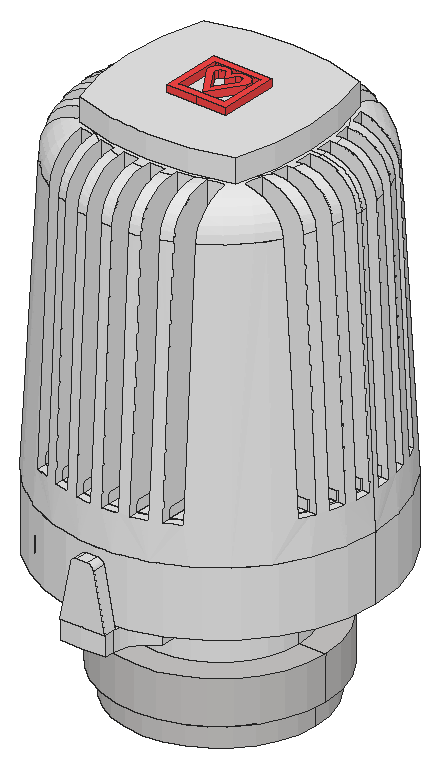
Revit family "HERZ-Thermostatkopf M28x1.5 7230", category Rohrzubehör, Revit 2018
Family settings
  Bemaßung runder Anschluss = Durchmesser verwenden
  Teiletyp = Normal
  OmniClass-Nummer = 23.65.55.14
  OmniClass-Titel = Valves for Liquid Services
  Arbeitsebenenbasiert = Nein
  Immer vertikal = Nein
  Beim Laden mit Abzugskörper schneiden = Nein
  Gemeinsam genutzt = Nein
Parameters
  automatische Frostsicherung = "bei ca. 6°C"  # constant formula
  W02 = 120.00°  # constant formula
  W01 = 135.00°  # constant formula
  URL = "www.herz-armaturen.at"
  Sollwerbereich = "0 - 28°C"  # constant formula
  S02 = 60.000 mm  # constant formula
  S01 = H02 + H07  # 76.000 mm
  R07 = 6.000 mm  # constant formula
  R06 = 24.000 mm  # constant formula
  R05 = 16.350 mm  # constant formula
  R04 = 14.750 mm  # constant formula
  R03 = 13.200 mm  # constant formula
  R02 = 12.200 mm  # constant formula
  R01 = 22.400 mm  # constant formula
  Hersteller = "HERZ Armaturen Ges.m.b.H."  # constant formula
  Handrad = "Kunststoff, weiß"  # constant formula
  H09 = 3.500 mm  # constant formula
  H08 = 10.000 mm  # constant formula
  H07 = 59.000 mm  # constant formula
  H06 = 3.000 mm  # constant formula
  H05 = 10.500 mm  # constant formula
  H03 = 5.500 mm  # constant formula
  H02 = 17.000 mm  # constant formula
  H01 = 34.000 mm  # constant formula
  Funktionsweise = "Der HERZ-Thermostat dient als Fühl- und Regelelement.\r\nDurch die Volumsänderung der Flüssigkeitsfüllung im HERZ-Hydrosensor wird die Schubspindel des Ventils bewegt."
  Bestellnummer = 1723006  # constant formula
  Ausführung = "Heizkörperthermostat mit Flüssigkeitsfühler (Hydrosensor)\r\nmit Stellung „0“, Frostsicherung einstellbar, mit Begrenzung und Blockierung des Sollwertbereiches. Handradfarbe weiß."
  Anwendungen = "Zur Montage auf allen HERZ-Ventilen, die für thermostatischen Betrieb eingerichtet sind."
Reference planes
  plane 1 "Mitte (Vorne/hinten)": y = 0
  plane 2: z = 0
  plane 3 "Mitte (Links/rechts)": x = 0
Forms (mm)
  Revolve 1, solid, material "Kunststoff weiß", detail levels fine
    sketch origin (0, 0, 0) x (1, 0, 0) y (0, 0, 1)
      loop
        line (0, 0) -> (13.2, 0) -> (13.2, 4.5) -> (12.2, 5.5) -> (12.2, 17) -> (22.4, 17) -> (22.4, 34) -> (0, 34) -> (0, 0)
      axis (0, 34) -> (0, 0)
    angle from 0 to 360
  Revolve 2, solid, material "Messing verzinkt", detail levels fine
    sketch origin (0, 0, 0) x (1, 0, 0) y (0, 0, 1)
      loop
        line (0, 5.5) -> (13.2, 5.5) -> (13.2, -3.063) -> (14.75, -3.063) -> (14.75, -0.063) -> (16.35, 0.861) -> (16.35, 7.437) -> (0, 7.437) -> (0, 5.5)
      axis (0, 7.437) -> (0, -3.063)
    angle from 0 to 360
  Revolve 3, solid, material "Kunststoff weiß", detail levels fine
    sketch origin (0, 0, 0) x (1, 0, 0) y (0, 0, 1)
      loop
        line (0, 17) -> (24, 17) -> (24, 27) -> (21.791, 70.306)
        arc (21.791, 70.306) -> (19.931, 74.349) -> (15.798, 76) r 6
        line (15.798, 76) -> (0, 76) -> (0, 17)
      axis (0, 76) -> (0, 17)
    angle from 0 to 360
  Extrusion 4, void
    sketch origin (0, 0, 0) x (1, 0, 0) y (0, 1, 0)
      loop
        line (24.458, 0.8) -> (24.458, 3.2) -> (14.361, 3.2)
        arc (14.361, 3.2) -> (14.446, 2.001) -> (14.491, 0.8) r 37
        line (14.491, 0.8) -> (24.458, 0.8)
      loop
        line (24.458, 4.8) -> (24.458, 7.2) -> (13.793, 7.2)
        arc (13.793, 7.2) -> (14.01, 6.003) -> (14.187, 4.8) r 37
        line (14.187, 4.8) -> (24.458, 4.8)
      loop
        line (24.458, 8.8) -> (24.458, 11.2) -> (12.764, 11.2)
        arc (12.764, 11.2) -> (13.121, 10.006) -> (13.438, 8.8) r 37
        line (13.438, 8.8) -> (24.458, 8.8)
      loop
        line (24.458, -0.8) -> (14.491, -0.8)
        arc (14.491, -0.8) -> (14.446, -2.001) -> (14.361, -3.2) r 37
        line (14.361, -3.2) -> (24.458, -3.2) -> (24.458, -0.8)
      loop
        line (24.458, -4.8) -> (14.187, -4.8)
        arc (14.187, -4.8) -> (14.01, -6.003) -> (13.793, -7.2) r 37
        line (13.793, -7.2) -> (24.458, -7.2) -> (24.458, -4.8)
      loop
        line (24.458, -8.8) -> (13.438, -8.8)
        arc (13.438, -8.8) -> (13.121, -10.006) -> (12.764, -11.2) r 37
        line (12.764, -11.2) -> (24.458, -11.2) -> (24.458, -8.8)
      loop
        line (-24.458, 0.8) -> (-14.491, 0.8)
        arc (-14.491, 0.8) -> (-14.446, 2.001) -> (-14.361, 3.2) r 37
        line (-14.361, 3.2) -> (-24.458, 3.2) -> (-24.458, 0.8)
      loop
        line (-24.458, 4.8) -> (-14.187, 4.8)
        arc (-14.187, 4.8) -> (-14.01, 6.003) -> (-13.793, 7.2) r 37
        line (-13.793, 7.2) -> (-24.458, 7.2) -> (-24.458, 4.8)
      loop
        line (-24.458, 8.8) -> (-13.438, 8.8)
        arc (-13.438, 8.8) -> (-13.121, 10.006) -> (-12.764, 11.2) r 37
        line (-12.764, 11.2) -> (-24.458, 11.2) -> (-24.458, 8.8)
      loop
        line (-24.458, -0.8) -> (-24.458, -3.2) -> (-14.361, -3.2)
        arc (-14.361, -3.2) -> (-14.446, -2.001) -> (-14.491, -0.8) r 37
        line (-14.491, -0.8) -> (-24.458, -0.8)
      loop
        line (-24.458, -4.8) -> (-24.458, -7.2) -> (-13.793, -7.2)
        arc (-13.793, -7.2) -> (-14.01, -6.003) -> (-14.187, -4.8) r 37
        line (-14.187, -4.8) -> (-24.458, -4.8)
      loop
        line (-24.458, -8.8) -> (-24.458, -11.2) -> (-12.764, -11.2)
        arc (-12.764, -11.2) -> (-13.121, -10.006) -> (-13.438, -8.8) r 37
        line (-13.438, -8.8) -> (-24.458, -8.8)
      loop
        line (0.8, 24.458) -> (0.8, 14.491)
        arc (0.8, 14.491) -> (2.001, 14.446) -> (3.2, 14.361) r 37
        line (3.2, 14.361) -> (3.2, 24.458) -> (0.8, 24.458)
      loop
        line (4.8, 24.458) -> (4.8, 14.187)
        arc (4.8, 14.187) -> (6.003, 14.01) -> (7.2, 13.793) r 37
        line (7.2, 13.793) -> (7.2, 24.458) -> (4.8, 24.458)
      loop
        line (8.8, 24.458) -> (8.8, 13.438)
        arc (8.8, 13.438) -> (10.006, 13.121) -> (11.2, 12.764) r 37
        line (11.2, 12.764) -> (11.2, 24.458) -> (8.8, 24.458)
      loop
        line (-0.8, 24.458) -> (-3.2, 24.458) -> (-3.2, 14.361)
        arc (-3.2, 14.361) -> (-2.001, 14.446) -> (-0.8, 14.491) r 37
        line (-0.8, 14.491) -> (-0.8, 24.458)
      loop
        line (-4.8, 24.458) -> (-7.2, 24.458) -> (-7.2, 13.793)
        arc (-7.2, 13.793) -> (-6.003, 14.01) -> (-4.8, 14.187) r 37
        line (-4.8, 14.187) -> (-4.8, 24.458)
      loop
        line (-8.8, 24.458) -> (-11.2, 24.458) -> (-11.2, 12.764)
        arc (-11.2, 12.764) -> (-10.006, 13.121) -> (-8.8, 13.438) r 37
        line (-8.8, 13.438) -> (-8.8, 24.458)
      loop
        line (0.8, -24.458) -> (3.2, -24.458) -> (3.2, -14.361)
        arc (3.2, -14.361) -> (2.001, -14.446) -> (0.8, -14.491) r 37
        line (0.8, -14.491) -> (0.8, -24.458)
      loop
        line (4.8, -24.458) -> (7.2, -24.458) -> (7.2, -13.793)
        arc (7.2, -13.793) -> (6.003, -14.01) -> (4.8, -14.187) r 37
        line (4.8, -14.187) -> (4.8, -24.458)
      loop
        line (8.8, -24.458) -> (11.2, -24.458) -> (11.2, -12.764)
        arc (11.2, -12.764) -> (10.006, -13.121) -> (8.8, -13.438) r 37
        line (8.8, -13.438) -> (8.8, -24.458)
      loop
        line (-0.8, -24.458) -> (-0.8, -14.491)
        arc (-0.8, -14.491) -> (-2.001, -14.446) -> (-3.2, -14.361) r 37
        line (-3.2, -14.361) -> (-3.2, -24.458) -> (-0.8, -24.458)
      loop
        line (-4.8, -24.458) -> (-4.8, -14.187)
        arc (-4.8, -14.187) -> (-6.003, -14.01) -> (-7.2, -13.793) r 37
        line (-7.2, -13.793) -> (-7.2, -24.458) -> (-4.8, -24.458)
      loop
        line (-8.8, -24.458) -> (-8.8, -13.438)
        arc (-8.8, -13.438) -> (-10.006, -13.121) -> (-11.2, -12.764) r 37
        line (-11.2, -12.764) -> (-11.2, -24.458) -> (-8.8, -24.458)
    from 32.5 to 78
  Extrusion 5, solid, material "Kunststoff weiß", detail levels fine
    sketch origin (0, 0, 0) x (1, 0, 0) y (0, 1, 0)
      loop
        arc (12, 12) -> (0, 14) -> (-12, 12) r 37
        arc (-12, 12) -> (-14, 0) -> (-12, -12) r 37
        arc (-12, -12) -> (0, -14) -> (12, -12) r 37
        arc (12, -12) -> (14, 0) -> (12, 12) r 37
    from 76 to 79.5
  Extrusion 6, solid, material "Kunststoff weiß", detail levels fine
    sketch origin (0.017, -0.017, 0) x (0, -1, 0) y (1, 0, 0)
      loop
        line (14.714, 6.983) -> (14.714, -7.017) -> (19.645, -7.017)
        arc (19.645, -7.017) -> (21.761, -4.508) -> (24.882, -3.488) r 6
        line (24.882, -3.488) -> (26.272, -3.488)
        arc (26.272, -3.488) -> (26.5, 0) -> (26.267, 3.488) r 26.5
        line (26.267, 3.488) -> (24.882, 3.488)
        arc (24.882, 3.488) -> (21.777, 4.497) -> (19.66, 6.983) r 6
        line (19.66, 6.983) -> (14.714, 6.983)
    from 14 to 17
  Extrusion 7, solid, material "Kunststoff weiß", detail levels fine
    sketch origin (0.017, -0.017, 0) x (1, 0, 0) y (0, 0, 1)
      loop
        arc (-0.8, 26.1) -> (-1.432, 25.875) -> (-1.779, 25.302) r 1
        line (-1.779, 25.302) -> (-3.488, 17) -> (3.488, 17) -> (1.779, 25.302)
        arc (1.779, 25.302) -> (1.432, 25.875) -> (0.8, 26.1) r 1
        line (0.8, 26.1) -> (-0.8, 26.1)
    from 26.5 to 24.5
Cuts and joins
  Extrusion 4 cuts Revolve 1
  Extrusion 4 cuts Revolve 3
Lines and regions (mm)
  model lines, detail levels coarse+medium
    curve 1: line (0, 0, 0) -> (0, 0, 16)
    curve 2: line (0, 0, 0) -> (0, 16, 0)
    curve 3: circle (0, 0, 46) r 30 normal (0, -1, 0)
    curve 4: circle (0, 0, 46) r 30 normal (1, 0, 0)
    curve 5: line (0, 0, 26) -> (0, 0, 66)
    curve 6: line (0, 17.5, 66) -> (0, -17.5, 66)
    curve 7: line (0, 0, 26) -> (0, 0, 66)
    curve 8: line (-17.5, 0, 66) -> (17.5, 0, 66)
    curve 9: circle (0, 46, 0) r 30 normal (0, 0, 1)
    curve 10: line (0, 26, 0) -> (0, 66, 0)
    curve 11: line (-17.5, 66, 0) -> (17.5, 66, 0)
Dimensions and locks
  "H01": Revolve 1 sketch curve to Revolve 1 sketch curve
  "H02": Revolve 1 sketch curve to Revolve 1 sketch curve
  "H03": Revolve 1 sketch curve to Revolve 1 sketch curve
  "R01": Revolve 1 sketch curve to Revolve 1 sketch curve
  "R02": Revolve 1 sketch curve to Revolve 1 sketch curve
  "R03": Revolve 1 sketch curve to Revolve 1 sketch curve
  "H05": Revolve 2 sketch curve to Revolve 2 sketch curve
  "H06": Revolve 2 sketch curve to Revolve 2 sketch curve
  "H03": Revolve 2 sketch curve to plane 2
  "R04": Revolve 2 sketch curve to plane 3 "Mitte (Links/rechts)"
  "R03": plane 3 "Mitte (Links/rechts)" to Revolve 2 sketch curve
  "R05": Revolve 2 sketch curve to plane 3 "Mitte (Links/rechts)"
  "H08": Revolve 3 sketch curve to Revolve 3 sketch curve
  "R06": Revolve 3 sketch curve to Revolve 3 sketch curve
  "H02": Revolve 3 sketch curve to plane 2
  "H07": Revolve 3 sketch curve to Revolve 3 sketch curve
  "S01": curve 4 to plane 2
  "S01": curve 3 to plane 2
  "S01": plane 1 "Mitte (Vorne/hinten)" to curve 9
  "R07": radius of Revolve 3 sketch curve
  "S02": diameter of curve 3
  "S02": diameter of curve 4
  "S02": diameter of curve 9
  "W01": angle Revolve 1 sketch curve to Revolve 1 sketch curve
  "W02": angle Revolve 2 sketch curve to Revolve 2 sketch curve
  aligned and locked: level to plane 2
Automatic sketch dimensions
  plane 1 "Mitte (Vorne/hinten)" to Extrusion 5 sketch curve = 0.000 mm  (x2)
  Extrusion 5 sketch curve to plane 3 "Mitte (Links/rechts)" = 0.000 mm  (x2)
  Extrusion 5 sketch curve to plane 3 "Mitte (Links/rechts)" = 23.000 mm
  plane 3 "Mitte (Links/rechts)" to Extrusion 5 sketch curve = 23.000 mm
  plane 1 "Mitte (Vorne/hinten)" to Extrusion 5 sketch curve = 23.000 mm
  Extrusion 5 sketch curve to plane 1 "Mitte (Vorne/hinten)" = 23.000 mm
  Extrusion 5 sketch curve to plane 3 "Mitte (Links/rechts)" = 12.000 mm  (x2)
  plane 3 "Mitte (Links/rechts)" to Extrusion 5 sketch curve = 12.000 mm
  plane 1 "Mitte (Vorne/hinten)" to Extrusion 5 sketch curve = 12.000 mm
  Extrusion 4 sketch curve to Extrusion 4 sketch curve = 0.000 mm  (x58)
  plane 1 "Mitte (Vorne/hinten)" to Extrusion 4 sketch curve = 0.000 mm  (x2)
  Extrusion 4 sketch curve to plane 3 "Mitte (Links/rechts)" = 0.000 mm  (x2)
  Extrusion 4 sketch curve to plane 3 "Mitte (Links/rechts)" = 0.800 mm  (x2)
  Extrusion 4 sketch curve to Extrusion 4 sketch curve = 2.400 mm  (x12)
  Extrusion 4 sketch curve to Extrusion 4 sketch curve = 1.600 mm  (x16)
  Extrusion 4 sketch curve to Extrusion 4 sketch curve = 1.564 mm  (x8)
  Extrusion 4 sketch curve to Extrusion 4 sketch curve = 0.674 mm  (x5)
  Extrusion 4 sketch curve to Extrusion 4 sketch curve = 0.354 mm  (x8)
  Extrusion 4 sketch curve to Extrusion 4 sketch curve = 0.395 mm  (x4)
  Extrusion 4 sketch curve to Extrusion 4 sketch curve = 0.174 mm  (x8)
  plane 1 "Mitte (Vorne/hinten)" to Extrusion 4 sketch curve = 0.800 mm  (x2)
  Extrusion 4 sketch curve to Extrusion 4 sketch curve = 0.130 mm  (x2)
  Extrusion 4 sketch curve to plane 1 "Mitte (Vorne/hinten)" = 0.800 mm  (x2)
  Extrusion 4 sketch curve to Extrusion 4 sketch curve = 8.009 mm  (x3)
  Extrusion 4 sketch curve to Extrusion 4 sketch curve = 1.958 mm  (x7)
  plane 3 "Mitte (Links/rechts)" to Extrusion 4 sketch curve = 0.800 mm  (x2)
  Extrusion 4 sketch curve to Extrusion 4 sketch curve = 11.019 mm
  Extrusion 6 sketch curve to plane 3 "Mitte (Links/rechts)" = 0.000 mm
  plane 1 "Mitte (Vorne/hinten)" to Extrusion 6 sketch curve = 0.017 mm
  Extrusion 6 sketch curve to plane 3 "Mitte (Links/rechts)" = 7.000 mm
  plane 1 "Mitte (Vorne/hinten)" to Extrusion 6 sketch curve = 14.731 mm
  Extrusion 6 sketch curve to Extrusion 6 sketch curve = 4.930 mm
  Extrusion 6 sketch curve to Extrusion 6 sketch curve = 4.946 mm
  Extrusion 6 sketch curve to plane 3 "Mitte (Links/rechts)" = 3.471 mm
  Extrusion 6 sketch curve to Extrusion 6 sketch curve = 5.237 mm
  Extrusion 6 sketch curve to Extrusion 6 sketch curve = 5.222 mm
  Extrusion 6 sketch curve to Extrusion 6 sketch curve = 5.470 mm
  Extrusion 6 sketch curve to Extrusion 6 sketch curve = 0.233 mm
  Extrusion 6 sketch curve to Extrusion 6 sketch curve = 1.390 mm
  plane 3 "Mitte (Links/rechts)" to Extrusion 6 sketch curve = 3.505 mm
  Extrusion 6 sketch curve to Extrusion 6 sketch curve = 3.495 mm
  Extrusion 6 sketch curve to Extrusion 6 sketch curve = 0.000 mm
  Extrusion 7 sketch curve to plane 3 "Mitte (Links/rechts)" = 3.471 mm
  Extrusion 7 sketch curve to plane 3 "Mitte (Links/rechts)" = 1.763 mm
  Extrusion 7 sketch curve to plane 3 "Mitte (Links/rechts)" = 0.783 mm
  plane 3 "Mitte (Links/rechts)" to Extrusion 7 sketch curve = 0.817 mm
  Extrusion 7 sketch curve to Extrusion 7 sketch curve = 0.979 mm
  plane 3 "Mitte (Links/rechts)" to Extrusion 7 sketch curve = 3.505 mm
  level to Extrusion 7 sketch curve = 17.000 mm
  Extrusion 7 sketch curve to Extrusion 7 sketch curve = 8.100 mm
  Extrusion 7 sketch curve to Extrusion 7 sketch curve = 0.000 mm
  Extrusion 7 sketch curve to Extrusion 7 sketch curve = 0.202 mm
  curve 5 to plane 1 "Mitte (Vorne/hinten)" = 0.000 mm
  curve 4 to plane 1 "Mitte (Vorne/hinten)" = 0.000 mm
  plane 1 "Mitte (Vorne/hinten)" to curve 6 = 17.500 mm
  curve 5 to curve 6 = 17.500 mm
  curve 5 to curve 4 = 20.000 mm
  curve 4 to curve 6 = 20.000 mm
  curve 3 to plane 3 "Mitte (Links/rechts)" = 0.000 mm
  curve 7 to plane 3 "Mitte (Links/rechts)" = 0.000 mm
  curve 1 to plane 3 "Mitte (Links/rechts)" = 0.000 mm
  curve 1 to level = 0.000 mm
  curve 8 to plane 3 "Mitte (Links/rechts)" = 17.500 mm
  curve 7 to curve 8 = 17.500 mm
  curve 1 to curve 7 = 10.000 mm
  curve 3 to curve 8 = 20.000 mm
  curve 9 to plane 3 "Mitte (Links/rechts)" = 0.000 mm
  curve 10 to plane 3 "Mitte (Links/rechts)" = 0.000 mm
  curve 2 to plane 3 "Mitte (Links/rechts)" = 0.000 mm
  plane 1 "Mitte (Vorne/hinten)" to curve 2 = 0.000 mm
  curve 11 to curve 10 = 17.500 mm
  plane 3 "Mitte (Links/rechts)" to curve 11 = 17.500 mm
  curve 2 to curve 10 = 10.000 mm
  curve 9 to curve 11 = 20.000 mm
  Revolve 1 sketch curve to level = 0.000 mm
  Revolve 1 sketch curve to plane 3 "Mitte (Links/rechts)" = 0.000 mm  (x2)
  Revolve 1 sketch curve to level = 366.045 mm
  Revolve 1 sketch curve to Revolve 1 sketch curve = 2180.315 mm
  Revolve 2 sketch curve to plane 3 "Mitte (Links/rechts)" = 0.000 mm  (x2)
  level to Revolve 2 sketch curve = 0.861 mm
  Revolve 2 sketch curve to Revolve 2 sketch curve = 362.982 mm
  Revolve 2 sketch curve to Revolve 2 sketch curve = 2206.878 mm
  Revolve 3 sketch curve to plane 3 "Mitte (Links/rechts)" = 0.000 mm  (x2)
  plane 3 "Mitte (Links/rechts)" to Revolve 3 sketch curve = 15.798 mm
  Revolve 3 sketch curve to Revolve 3 sketch curve = 5.992 mm
  Revolve 3 sketch curve to level = 366.045 mm
  Revolve 3 sketch curve to Revolve 3 sketch curve = 2138.315 mm
Nested families
  nested 1: "Herz-Logo" at (0, 0, 79), type "Herz-Logo", detail levels fine
Definition of nested family "Herz-Logo"
  Reference planes
    plane 1 "Mitte (Vorne/hinten)": y = 0
    plane 2: z = 0
    plane 3 "Mitte (Links/rechts)": x = 0
  Forms (mm)
    Extrusion 1, solid
      sketch origin (0, 0, 0) x (1, 0, 0) y (0, 1, 0)
        loop
          line (-0.018, -4.517) -> (4.482, -4.517) -> (4.482, 4.483) -> (-4.518, 4.483) -> (-4.518, -4.517) -> (-0.018, -4.517)
        loop
          line (-0.05, -3.48) -> (3.482, -3.48) -> (3.482, 3.483) -> (-3.518, 3.483) -> (-3.518, -3.48) -> (-0.05, -3.48)
        loop
          arc (-0.018, 2.383) -> (-1.543, 3.287) -> (-3.067, 2.383) r 1.738
          arc (-3.067, 2.383) -> (-3.191, 1.899) -> (-3.067, 1.415) r 1.009
          line (-3.067, 1.415) -> (-0.018, -3.281) -> (3.032, 1.415)
          arc (3.032, 1.415) -> (3.156, 1.899) -> (3.032, 2.383) r 1.009
          arc (3.032, 2.383) -> (1.507, 3.287) -> (-0.018, 2.383) r 1.738
        loop
          arc (1.885, 1.272) -> (2.005, 1.675) -> (1.885, 2.079) r 0.74
          arc (1.885, 2.079) -> (1.265, 2.416) -> (0.644, 2.079) r 0.74
          line (0.644, 2.079) -> (-0.018, 0.97) -> (-0.679, 2.079)
          arc (-0.679, 2.079) -> (-1.3, 2.416) -> (-1.921, 2.079) r 0.74
          arc (-1.921, 2.079) -> (-2.04, 1.675) -> (-1.921, 1.272) r 0.74
          line (-1.921, 1.272) -> (-0.018, -1.658) -> (1.885, 1.272)
      from 0 to 1.5
  Dimensions and locks
    aligned and locked: level to plane 2
